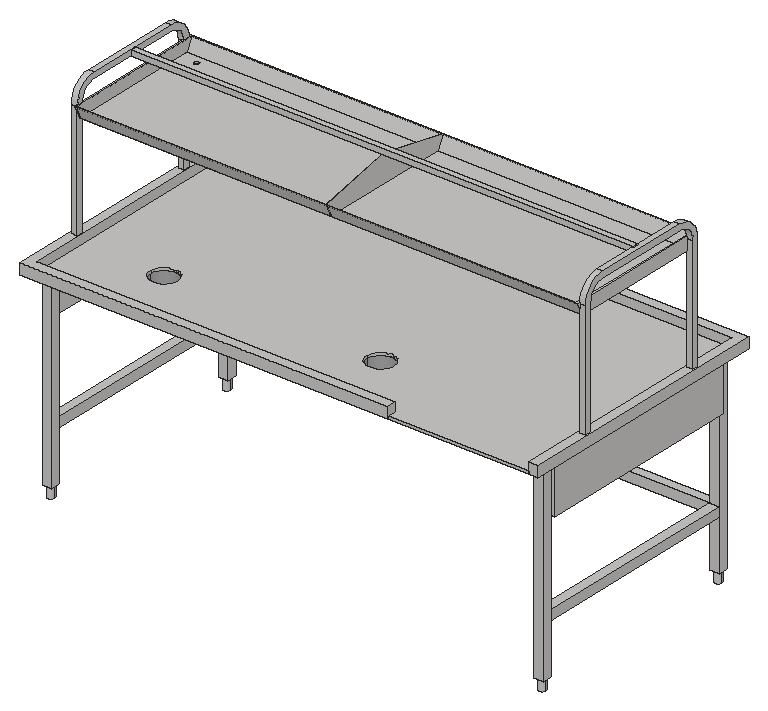
Revit family "QF_ZANUSSI_865345_BHST2211L", category Attrezzature speciali, Revit 2020
Family settings
  Quota connettore circolare = Usa diametro
  Tipo di parte = Normale
  Basato su piano di lavoro = No
  Sempre verticale = Sì
  Taglio con vuoti quando caricato = No
  Condiviso = No
  Punto di calcolo locali = No
Parameters (values of type "Standard")
  Weight = 19.00 kg
  Watts = 0 W
  Volts = 0 V
  URL Manufacturer = "http://www.zanussiprofessional.com"
  URL = "http://www.zanussiprofessional.com"
  Steam Supply Size = 0 mm
  Steam Supply Minimum Pressure = 0.0 Pa
  Steam Supply Maximum Pressure = 0.0 Pa
  Steam Consumption per Hour = 0
  Refrigeration Suction Line Size = 0 mm
  Refrigeration Liquid Line Size = 0 mm
  Refrigerant Compressor Remote = yes
  Prospetto di default = 0 mm
  Produttore = "Zanussi"
  Phase = 0
  Modello = "BHST2211L"
  Length Actual = 2200 mm  # constant formula
  Item Number = "865345"
  Hot Water Size = 0 mm
  Height Actual = 1551 mm  # constant formula
  HP = "0 HP"
  Gas Size = 0 mm
  Gas KW = 0
  Gas Input Pressure = 0 W
  Direct Waste Size = 0 mm
  Description = "SORTING TABLE, LEFT>RIGHT, 2200X1100 MM "
  Depth Actual = 1100 mm  # constant formula
  Cycle = 0 Hz
  Condensate Return Size = 0 mm
  Compressed Air Volume = 0.0 L/s
  Compressed Air Size = 0 mm
  Compressed Air Pressure = 0.0 Pa
  Cold Water Size = 0 mm
  Accessory = yes
Reference planes
  plane 1 "Centro (Fronte/Retro)": y = 0
  plane 2: z = 0
  plane 3 "Centro (Sinistra/Destra)": x = 0
  plane 4: x = 1100
  plane 5: z = 1492
  plane 6: x = 20
  plane 7: y = -557.5
  plane 8: x = 56
  plane 9: x = 944
  plane 10: x = 2200
  plane 11: x = 1644
  plane 12: y = -1115
  plane 13: y = -88
  plane 14: y = -1023
  plane 15: x = 2144
Forms (mm)
  Extrusion 1, solid, material "QF_Finishes_Stainless Steel"
    sketch origin (0, 0, 865) x (1, 0, 0) y (0, 1, 0)
      loop
        line (40, -1075) -> (1560, -1075) -> (1560, -1115) -> (2160, -1115) -> (2160, -40) -> (40, -40) -> (40, -1075)
    from 0 to 10
  Extrusion 2, solid, material "QF_Finishes_Stainless Steel"
    sketch origin (36, -178, 0) x (0, 1, 0) y (0, 0, 1)
      loop
        line (70, 299.579) -> (-825, 299.579) -> (-825, 259.579) -> (70, 259.579) -> (70, 299.579)
    from 0 to 40
  Sweep 3, solid, material "QF_Finishes_Stainless Steel"
    path origin (0, -178, -12) x (0, 1, 0) y (0, 0, 1)
      loop
        line (-95, 922) -> (-95, 1412)
        arc (-95, 1412) -> (-118.431, 1468.569) -> (-175, 1492) r 80
        line (-175, 1492) -> (-584, 1492)
        arc (-584, 1492) -> (-640.569, 1468.569) -> (-664, 1412) r 80
        line (-664, 1412) -> (-664, 922)
    profile origin (0, -273, 1155) x (0, -1, 0) y (1, 0, 0)
      loop
        line (-12, 8) -> (12, 8) -> (12, 32) -> (-12, 32) -> (-12, 8)
  Extrusion 4, solid, material "QF_Finishes_Stainless Steel"
    sketch origin (0, -178, 0) x (0, 1, 0) y (0, 0, 1)
      loop
        line (70, 865) -> (-825, 865) -> (-825, 660) -> (70, 660) -> (70, 865)
    from 20 to 36
  Extrusion 5, solid, material "QF_Finishes_Stainless Steel"
    sketch origin (-964, -68, 0) x (1, 0, 0) y (0, 1, 0)
      loop
        line (1000, 0) -> (1000, -40) -> (1040, -40) -> (1040, 0) -> (1000, 0)
    from 45 to 865
  Extrusion 6, solid, material "QF_Finishes_Stainless Steel"
    sketch origin (-964, -68, 0) x (1, 0, 0) y (0, 1, 0)
      loop
        circle (1020, -20) r 15
    from 0 to 45
  Extrusion 7, solid, material "QF_Finishes_Stainless Steel"
    sketch origin (-964, -1003, 0) x (1, 0, 0) y (0, 1, 0)
      loop
        line (1000, 0) -> (1000, -40) -> (1040, -40) -> (1040, 0) -> (1000, 0)
    from 45 to 865
  Extrusion 8, solid, material "QF_Finishes_Stainless Steel"
    sketch origin (-964, -1003, 0) x (1, 0, 0) y (0, 1, 0)
      loop
        circle (1020, -20) r 15
    from 0 to 45
  Extrusion 9, solid, material "QF_Finishes_Stainless Steel"
    sketch origin (0, -28, 0) x (1, 0, 0) y (0, 0, 1)
      loop
        line (76, 259.624) -> (2124, 259.624) -> (2124, 299.579) -> (76, 299.579) -> (76, 259.624)
    from 40 to 80
  Extrusion 10, solid, material "QF_Finishes_Stainless Steel"
    sketch origin (2200, -178, 0) x (0, 1, 0) y (0, 0, -1)
      loop
        line (70, -865) -> (70, -660) -> (-825, -660) -> (-825, -865) -> (70, -865)
    from 20 to 36
  Extrusion 11, solid, material "QF_Finishes_Stainless Steel"
    sketch origin (3164, -68, 0) x (-1, 0, 0) y (0, -1, 0)
      loop
        line (1000, 0) -> (1040, 0) -> (1040, 40) -> (1000, 40) -> (1000, 0)
    from 45 to 865
  Extrusion 12, solid, material "QF_Finishes_Stainless Steel"
    sketch origin (3164, -68, 0) x (-1, 0, 0) y (0, -1, 0)
      loop
        circle (1020, 20) r 15
    from 0 to 45
  Extrusion 13, solid, material "QF_Finishes_Stainless Steel"
    sketch origin (3164, -1003, 0) x (-1, 0, 0) y (0, -1, 0)
      loop
        line (1000, 0) -> (1040, 0) -> (1040, 40) -> (1000, 40) -> (1000, 0)
    from 45 to 865
  Extrusion 14, solid, material "QF_Finishes_Stainless Steel"
    sketch origin (3164, -1003, 0) x (-1, 0, 0) y (0, -1, 0)
      loop
        circle (1020, 20) r 15
    from 0 to 45
  Extrusion 15, solid, material "QF_Finishes_Stainless Steel"
    sketch origin (0, -178, -12) x (0, 1, 0) y (0, 0, 1)
      loop
        line (-367.5, 1504) -> (-391.5, 1504) -> (-391.5, 1480) -> (-367.5, 1480) -> (-367.5, 1504)
    from 32 to 2168
  Extrusion 16, void
    sketch origin (0, -178, -12) x (1, 0, 0) y (0, 1, 0)
      loop
        circle (108.268, -136.161) r 12
    from 1301.755 to 1377.519
  Extrusion 17, solid, material "QF_Finishes_Stainless Steel"
    sketch origin (0, -178, -12) x (1, 0, 0) y (0, 1, 0)
      loop
        circle (108.21, -136.146) r 13
    from 1316.037 to 1362.532
  Extrusion 18, void
    sketch origin (0, -178, -12) x (1, 0, 0) y (0, 1, 0)
      loop
        circle (108.268, -136.161) r 10
    from 1301.755 to 1377.519
  Sweep 19, solid, material "QF_Finishes_Stainless Steel"
    path origin (2200, -178, -12) x (0, 1, 0) y (0, 0, -1)
      loop
        line (-95, -922) -> (-95, -1412)
        arc (-95, -1412) -> (-118.431, -1468.569) -> (-175, -1492) r 80
        line (-175, -1492) -> (-584, -1492)
        arc (-584, -1492) -> (-640.569, -1468.569) -> (-664, -1412) r 80
        line (-664, -1412) -> (-664, -922)
    profile origin (2200, -273, 1155) x (0, 1, 0) y (-1, 0, 0)
      loop
        line (12, 8) -> (12, 32) -> (-12, 32) -> (-12, 8) -> (12, 8)
  Extrusion 20, solid, material "QF_Finishes_Stainless Steel"
    sketch origin (1, -178, 0) x (0, 1, 0) y (0, 0, 1)
      loop
        line (-367.5, 1468) -> (-391.5, 1468) -> (-687.809, 1406.976) -> (-663.034, 1353.844) -> (-95.966, 1353.844) -> (-71.191, 1406.976) -> (-367.5, 1468)
    from 1098 to 1100
  Extrusion 21, void
    sketch origin (32, -178, -6.687) x (0, 1, 0) y (0, 0, 1)
      loop
        line (-56.629, 1444.891) -> (-702.371, 1444.891) -> (-663.034, 1360.532) -> (-95.966, 1360.532) -> (-56.629, 1444.891)
    from 3.287 to 2130
  Extrusion 22, solid, material "QF_Finishes_Stainless Steel"
    sketch origin (32, -178, -12) x (0, 1, 0) y (0, 0, 1)
      loop
        line (-70.92, 1418.976) -> (-688.08, 1418.976) -> (-661.76, 1362.532) -> (-97.24, 1362.532) -> (-70.92, 1418.976)
    from 0 to 2136
  Extrusion 23, solid, material "QF_Finishes_Stainless Steel"
    sketch origin (2164, -178, 0) x (0, 1, 0) y (0, 0, -1)
      loop
        line (70, -299.579) -> (70, -259.579) -> (-825, -259.579) -> (-825, -299.579) -> (70, -299.579)
    from 0 to 40
  Extrusion 24, solid, material "QF_Finishes_Stainless Steel"
    sketch origin (2200, 0, 865) x (-1, 0, 0) y (0, -1, 0)
      loop
        line (0, 0) -> (2200, 0) -> (2200, 1115) -> (640, 1115) -> (640, 1075) -> (2160, 1075) -> (2160, 40) -> (40, 40) -> (40, 1115) -> (0, 1115) -> (0, 0)
    from 0 to 45
  Extrusion 25, void
    sketch origin (1000, -349.25, 0) x (-1, 0, 0) y (0, -1, 0)
      loop
        circle (610, 490) r 58
    from 674.596 to 947.421
  Extrusion 26, void
    sketch origin (1920, -349.25, 0) x (-1, 0, 0) y (0, -1, 0)
      loop
        circle (610, 490) r 58
    from 674.596 to 947.421
Cuts and joins
  Extrusion 16 cuts Extrusion 17
  Extrusion 25, Extrusion 26 cuts Extrusion 1
  Extrusion 18, Extrusion 21 cuts Extrusion 22
Dimensions and locks
  plane 5 to level = 1492 mm  (x2)
  plane 10 to plane 3 "Centro (Sinistra/Destra)" = 2200 mm
  plane 1 "Centro (Fronte/Retro)" to plane 12 = 1115 mm  (x2)
  Extrusion 5 to Extrusion 7 = 895 mm
  plane 13 to plane 14 = 935 mm
  Extrusion 9 to Extrusion 9 = 39.955 mm
  plane 15 to plane 8 = 2088 mm
  Sweep 3 to Sweep 3 = 545 mm
  plane 3 "Centro (Sinistra/Destra)" to plane 10 = 2200 mm
  aligned and locked: level to plane 2
  aligned and locked: Extrusion 6 to Extrusion 5
  aligned and locked: Extrusion 8 to Extrusion 7
  aligned and locked: Extrusion 11 to Extrusion 12
  aligned and locked: Extrusion 13 to Extrusion 14
Nested families
  nested 1: "FORO_IMMONDIZIE - 200" at (390, -839.065, 863.471) x (-1, 0, 0) z (0, 0, 1), type "FORO_IMMONDIZIE - 200"
  nested 2: "FORO_IMMONDIZIE - 200" at (1310, -839.065, 863.471) x (-1, 0, 0) z (0, 0, 1), type "FORO_IMMONDIZIE - 200"
Definition of nested family "FORO_IMMONDIZIE - 200"
  Parameters (values of type "FORO_IMMONDIZIE - 200")
    Default Elevation = 1219.2 mm
  Reference planes
    plane 1 "Centro (Fronte/Retro)": y = 0
    plane 2: z = 0
    plane 3 "Centro (Sinistra/Destra)": x = 0
    plane 4: z = -110
  Forms (mm)
    Extrusion 1, solid, not visible
      sketch origin (0, 0, 0) x (1, 0, 0) y (0, 1, 0)
        loop
          line (-1219.2, 1219.2) -> (-1219.2, -1219.2) -> (1219.2, -1219.2) -> (1219.2, 1219.2) -> (-1219.2, 1219.2)
      from 0 to -304.8
    Extrusion 2, solid
      sketch origin (0, 0, 0) x (1, 0, 0) y (0, 1, 0)
        loop
          circle (0, 0) r 60
        loop
          circle (0, 0) r 90
      from -110 to 1.529
  Dimensions and locks
    aligned and locked: plane 2 to Extrusion 1
    aligned and locked: level to Extrusion 1
